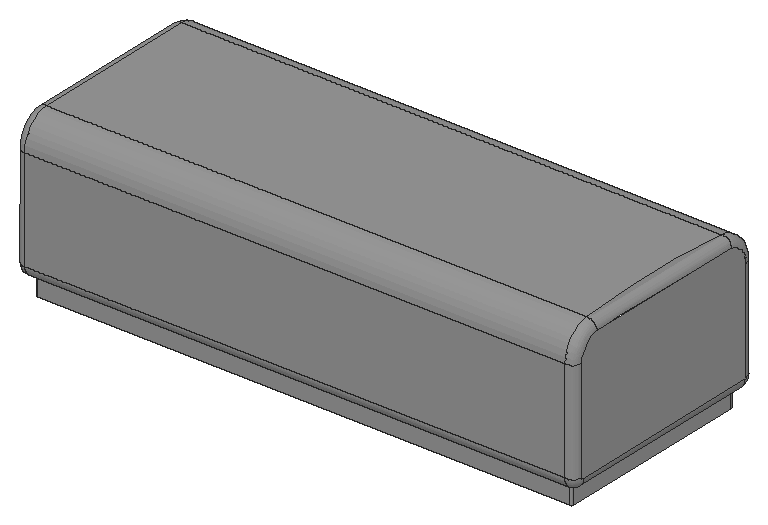
Revit family "Kulture Capaldi", category Furniture, Revit 2019
Family settings
  OmniClass Number = 23.40.00.00
  OmniClass Title = Equipment and Furnishings
  Work Plane-Based = No
  Always vertical = Yes
  Cut with Voids When Loaded = No
  Shared = No
  Room Calculation Point = No
Parameters (values of type "Seating - 1475 x 590 x 440")
  Width = 1475 mm
  URL = "www.gof.co.uk"
  Seat = Gresham - Camira  Trail - HTL05
  Range = "SEATING"
  Product Code = "KCSEATING"
  Model = "KULTURE CAPALDI"
  Manufacturer = "Gresham Office Funiture"  # constant formula
  Height = 440 mm
  Frame = Gresham - BLACK METAL
  Depth = 590 mm
  Assembly Code = "E2020200"
Types (5, lengths in mm): name | Width | Product Code | Height | Depth
  Seating - 1180 x 295 x 762 | 1180 | "KCBACK" | 762 | 295
  Seating - 1180 x 590 x 440 | 1180 | "KCSEAT" | 440 | 590
  Seating - 590 x 295 x 630 | 590 | "KCSARM" | 630 | 295
  Seating - 885 x 295 x 630 | 885 | "KCLARM" | 630 | 295
  Seating - 1475 x 590 x 440 | 1475 | "KCSEATING" | 440 | 590
Reference planes
  plane 1 "Center (Front/Back)": y = 0
  plane 2: z = 0
  plane 3 "Center (Left/Right)": x = 0
  plane 4 "Top": z = 440
  plane 5 "Foot": z = 50
  plane 6: x = -737.5
  plane 7: x = 737.5
  plane 8: y = 295
  plane 9: y = -295
  plane 10: z = 349.671
Forms (mm)
  Extrusion 1, solid, material "Gresham - Camira  Trail - HTL05" <- "Seat"
    sketch origin (0, 0, 0) x (0, 1, 0) y (0, 0, 1)
      loop
        arc (265, 50) -> (286.213, 58.787) -> (295, 80) r 30
        line (295, 80) -> (295, 349.671)
        arc (295, 349.671) -> (274.218, 403.46) -> (222.669, 429.303) r 80
        arc (222.669, 429.303) -> (0, 440) -> (-222.669, 429.303) r 2322.819
        arc (-222.669, 429.303) -> (-274.218, 403.46) -> (-295, 349.671) r 80
        line (-295, 349.671) -> (-295, 80)
        arc (-295, 80) -> (-286.213, 58.787) -> (-265, 50) r 30
        line (-265, 50) -> (265, 50)
    from -737.5 to 737.5
  Extrusion 2, solid, material "Gresham - BLACK METAL" <- "Frame"
    sketch origin (-10, 0, 25) x (0, -1, 0) y (1, 0, 0)
      loop
        line (-265, 712.5) -> (-265, -692.5)
        arc (-265, -692.5) -> (-263.536, -696.036) -> (-260, -697.5) r 5
        line (-260, -697.5) -> (260, -697.5)
        arc (260, -697.5) -> (263.536, -696.036) -> (265, -692.5) r 5
        line (265, -692.5) -> (265, 712.5)
        arc (265, 712.5) -> (263.536, 716.036) -> (260, 717.5) r 5
        line (260, 717.5) -> (-260, 717.5)
        arc (-260, 717.5) -> (-263.536, 716.036) -> (-265, 712.5) r 5
      loop
        line (-239.6, 692.1) -> (-239.6, -672.1) -> (239.6, -672.1) -> (239.6, 692.1) -> (-239.6, 692.1)
    from -25 to 25
  Sweep 3, void
    path in 3D
      loop
        arc (737.5, -295, 80) -> (737.5, -286.213, 58.787) -> (737.5, -265, 50) r 30
        line (737.5, -265, 50) -> (737.5, 265, 50)
        arc (737.5, 265, 50) -> (737.5, 286.213, 58.787) -> (737.5, 295, 80) r 30
        line (737.5, 295, 80) -> (737.5, 295, 349.671)
        arc (737.5, 295, 349.671) -> (737.5, 274.218, 403.46) -> (737.5, 222.669, 429.303) r 80
        arc (737.5, 222.669, 429.303) -> (737.5, 0, 440) -> (737.5, -222.669, 429.303) r 2322.819
        arc (737.5, -222.669, 429.303) -> (737.5, -274.218, 403.46) -> (737.5, -295, 349.671) r 80
        line (737.5, -295, 349.671) -> (737.5, -295, 80)
    profile origin (737.5, -295, 214.836) x (1, 0, 0) y (0, 1, 0)
      loop
        line (-25, 0) -> (-25, -35) -> (35, -35) -> (35, 25) -> (0, 25)
        arc (0, 25) -> (-7.322, 7.322) -> (-25, 0) r 25
  Sweep 4, void
    path in 3D
      loop
        arc (-737.5, 295, 80) -> (-737.5, 286.213, 58.787) -> (-737.5, 265, 50) r 30
        line (-737.5, 265, 50) -> (-737.5, -265, 50)
        arc (-737.5, -265, 50) -> (-737.5, -286.213, 58.787) -> (-737.5, -295, 80) r 30
        line (-737.5, -295, 80) -> (-737.5, -295, 349.671)
        arc (-737.5, -295, 349.671) -> (-737.5, -274.218, 403.46) -> (-737.5, -222.669, 429.303) r 80
        arc (-737.5, -222.669, 429.303) -> (-737.5, 0, 440) -> (-737.5, 222.669, 429.303) r 2322.819
        arc (-737.5, 222.669, 429.303) -> (-737.5, 274.218, 403.46) -> (-737.5, 295, 349.671) r 80
        line (-737.5, 295, 349.671) -> (-737.5, 295, 80)
    profile origin (-737.5, 295, 214.836) x (-1, 0, 0) y (0, -1, 0)
      loop
        line (-25, 0) -> (-25, -30) -> (30, -30) -> (30, 25) -> (0, 25)
        arc (0, 25) -> (-7.322, 7.322) -> (-25, 0) r 25
Cuts and joins
  Sweep 3, Sweep 4 cuts Extrusion 1
Lines and regions (mm)
  sketch lines
    curve 1: line (737.5, -295, 349.671) -> (737.5, -295, 80)
    curve 2: arc (737.5, -295, 349.671) -> (737.5, -274.218, 403.46) -> (737.5, -222.669, 429.303) r 80
    curve 3: arc (737.5, -222.669, 429.303) -> (737.5, 0, 440) -> (737.5, 222.669, 429.303) r 2322.819
    curve 4: arc (737.5, 222.669, 429.303) -> (737.5, 274.218, 403.46) -> (737.5, 295, 349.671) r 80
    curve 5: line (737.5, 295, 80) -> (737.5, 295, 349.671)
    curve 6: arc (737.5, 295, 80) -> (737.5, 286.213, 58.787) -> (737.5, 265, 50) r 30
    curve 7: line (737.5, -265, 50) -> (737.5, 265, 50)
    curve 8: arc (737.5, -265, 50) -> (737.5, -286.213, 58.787) -> (737.5, -295, 80) r 30
    curve 9: line (-737.5, 295, 349.671) -> (-737.5, 295, 80)
    curve 10: arc (-737.5, 295, 349.671) -> (-737.5, 274.218, 403.46) -> (-737.5, 222.669, 429.303) r 80
    curve 11: arc (-737.5, 222.669, 429.303) -> (-737.5, 0, 440) -> (-737.5, -222.669, 429.303) r 2322.819
    curve 12: arc (-737.5, -222.669, 429.303) -> (-737.5, -274.218, 403.46) -> (-737.5, -295, 349.671) r 80
    curve 13: line (-737.5, -295, 80) -> (-737.5, -295, 349.671)
    curve 14: arc (-737.5, -295, 80) -> (-737.5, -286.213, 58.787) -> (-737.5, -265, 50) r 30
    curve 15: line (-737.5, 265, 50) -> (-737.5, -265, 50)
    curve 16: arc (-737.5, 265, 50) -> (-737.5, 286.213, 58.787) -> (-737.5, 295, 80) r 30
Dimensions and locks
  plane 4 "Top" to level = 440 mm
  level to plane 5 "Foot" = 50 mm
  equal spacing: plane 6, plane 3 "Center (Left/Right)", plane 7
  "Width": plane 6 to plane 7
  locked: plane 5 "Foot" to level at 50
  equal spacing: plane 9, plane 1 "Center (Front/Back)", plane 8
  "Depth": plane 9 to plane 8
  "Height": plane 4 "Top" to level
  locked: plane 4 "Top" to plane 10 at 90.329
  locked: plane 10 to Extrusion 1 sketch curve at 90.329
  locked: Extrusion 2 sketch curve to Extrusion 2 sketch curve at 25.4  (x4)
  locked: Extrusion 2 sketch curve to plane 7 at 30
  locked: Extrusion 2 sketch curve to plane 8 at 30
  locked: plane 9 to Extrusion 2 sketch curve at 30
  locked: plane 6 to Extrusion 2 sketch curve at 30
  radius of Extrusion 1 sketch curve = 80 mm  (x2)
  aligned and locked: level to plane 2
  aligned and locked: Extrusion 1 to plane 7
  aligned and locked: Extrusion 1 to plane 6
Automatic sketch dimensions
  Extrusion 1 sketch curve to plane 9 = 0 mm
  plane 5 "Foot" to Extrusion 1 sketch curve = 0 mm
  Extrusion 1 sketch curve to plane 1 "Center (Front/Back)" = 0 mm
  Extrusion 1 sketch curve to plane 8 = 0 mm
  Extrusion 1 sketch curve to plane 9 = 30 mm
  Extrusion 1 sketch curve to plane 5 "Foot" = 30 mm
  Extrusion 1 sketch curve to Extrusion 1 sketch curve = 0 mm  (x2)
  plane 10 to Extrusion 1 sketch curve = 0 mm
  Extrusion 2 sketch curve to Extrusion 2 sketch curve = 5 mm  (x3)
  Extrusion 2 sketch curve to Extrusion 2 sketch curve = 20.4 mm
  Sweep 3 sketch curve to profile plane = 0 mm  (x2)
  Sweep 3 sketch curve to profile plane = 25 mm
  profile plane to Sweep 3 sketch curve = 35 mm  (x2)
  Sweep 4 sketch curve to profile plane = 0 mm  (x2)
  Sweep 4 sketch curve to profile plane = 25 mm
  Sweep 4 sketch curve to Sweep 4 sketch curve = 30 mm
  profile plane to Sweep 4 sketch curve = 30 mm
